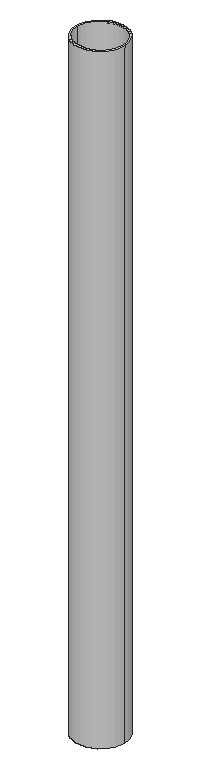
Revit family "8ca4a7f7594d4eb5affef6b39c8bf9bd", category Structural Columns, Revit 2021
Family settings
  Section Shape = Pipe Standard
  Material for Model Behavior = Steel
  Always export as geometry = No
  Beam cutback in plan = From geometry
  Family Name Key = Pipe Column
  Code Name = AISC 14.1
  OmniClass Number = 23.25.30.11.14.11
  OmniClass Title = Columns
  Seek Item ID = HSS-Round Hollow Structural Section-Column-0000-USA-ENU
  Cut with Voids When Loaded = No
  Symbolic Representation = From Project Settings
  Shared = No
  Show family pre-cut in plan views = Yes
Parameters (values of type "Pipe8STD")
  Warping Constant = 0.00 in⁶
  Wall Nominal Thickness = 0' - 0.322"
  Wall Design Thickness = 0.300"
  Torsional Moment of Inertia = 136.000 in⁴
  Torsional Modulus = 0.0000 in³
  Structural Material [instance] = Steel ASTM A53
  Section Name Key = ""
  Section Area = 7.85 in²
  Principal Axes Angle = 0.00°
  Plastic Modulus weak axis = 20.8000 in³
  Plastic Modulus strong axis = 20.8000 in³
  Nominal Weight = 28.60 lbf/ft
  Moment of Inertia weak axis = 68.100 in⁴
  Moment of Inertia strong axis = 68.100 in⁴
  Elastic Modulus weak axis = 15.8000 in³
  Elastic Modulus strong axis = 15.8000 in³
  Diameter = 0' - 8.63"
  Centroid Vertical = Diameter / 2  # 4.315"
  Centroid Horizontal = Diameter / 2  # 4.315"
  Assembly Code = "B10"
Reference planes (in)
  plane 1 "Center (Front/Back)": y = 0
  plane 2: z = 0
  plane 3 "Center (Left/Right)": x = 0
  plane 4: x = -4.315
  plane 5: x = 4.315
  plane 6: y = 4.315
  plane 7: y = -4.315
  plane 8: x = -3.993
  plane 9: x = 3.993
Forms (in)
  Extrusion 1, solid, material "Steel ASTM A53" <- "Structural Material", detail levels medium+fine
    sketch origin (0, 0, 0) x (1, 0, 0) y (0, 1, 0)
      loop
        circle (0, 0) r 4.315
      loop
        circle (0, 0) r 3.993
    from 0 to 108
Lines and regions (in)
  symbolic lines, style "StructuralColumnStickSymbols", detail levels coarse
    curve 1: arc (-4.315, 0, 0) -> (0, -4.315, 0) -> (4.315, 0, 0) r 4.315
    curve 2: arc (4.315, 0, 0) -> (0, 4.315, 0) -> (-4.315, 0, 0) r 4.315
Dimensions and locks (in)
  equal spacing: plane 4, plane 3 "Center (Left/Right)", plane 5
  equal spacing: plane 7, plane 1 "Center (Front/Back)", plane 6
  "Diameter": plane 7 to plane 6
  "Diameter": plane 4 to plane 5
  "Wall Nominal Thickness": plane 4 to plane 8
  "Wall Nominal Thickness": plane 9 to plane 5
  aligned and locked: level to Extrusion 1
  aligned and locked: level to plane 2
  aligned and locked: Extrusion 1 to plane 2
  aligned and locked: curve 1 to Extrusion 1
Automatic sketch dimensions
  Extrusion 1 sketch curve to Extrusion 1 sketch curve = 0' - 0"  (x2)
  plane 1 "Center (Front/Back)" to Extrusion 1 sketch curve = 0' - 0"
  Extrusion 1 sketch curve to plane 4 = 0' - 0"
  Extrusion 1 sketch curve to plane 8 = 0' - 0"
  Extrusion 1 sketch curve to plane 3 "Center (Left/Right)" = 0' - 0"
